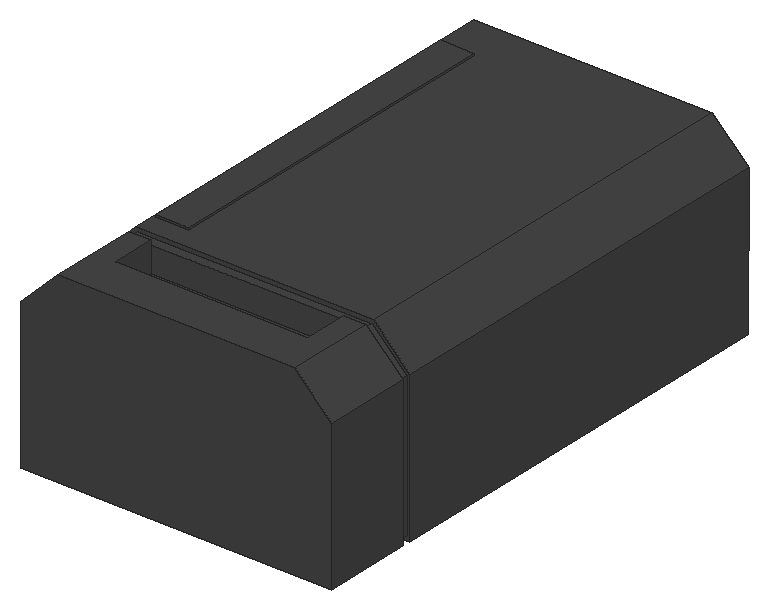
Revit family "SP4182_SDU2_Revit", category Mechanical Equipment, Revit 2014
Parameters (values of type "Standard")
  d83 = 0' - 0"
  d74 = 0' - 0"
  d70 = 0' - 0"
  d68 = 0' - 0"
  d65 = 0' - 0"
  d60 = 0' - 0"
  URL = "www.neptronic.com"
  Part Number = "SP4182_SDU_Revit"
  Model = "SK310 & SDU2, SK314 & SDU2"
  Manufacturer = "Neptronic"
  Extrusion_End_2 = -d74  # 0' - 0"
  Extrusion_End_1 = -d60  # 0' - 0"
  Designer = "Antoine"
  Design Status = 1
  Description = "Electic Resistive Humidifier with Steam Distribution Unit"
  Date Created = "2014-08-06 15:51:08"
  Connector_8_Width = 0' - 0"
  Connector_8_Height = 0' - 0"
  Connector_5_Diameter = 0' - 0"
  Connector_4_Diameter = 0' - 0"
  Connector_3_Diameter = 0' - 0"
  Author = "Antoine"
Reference planes (in)
  plane 1 "Center (Front/Back)": y = 0
  plane 2: z = 0
  plane 3 "Center (Left/Right)": x = 0
  plane 4: y = -25.561
Forms (in)
  Sweep 1, solid
    path in 3D
      loop
        line (-10.5003, 2.939, 3.75715) -> (-10.5003, -25.561, 3.75715)
    profile origin (-10.5003, -25.561, 3.75715) x (0, 0, -1) y (1, 0, 0)
      loop
        line (0, 0) -> (10.00715, 0) -> (10.00715, 21.0003) -> (-0.04232, 21.0003) -> (-2.51382, 18.5288) -> (-2.51382, 2.51382) -> (0, 0)
  Extrusion 2, void
    sketch origin (-10.5003, 2.939, 3.75715) x (0, 0, 1) y (1, 0, 0)
      loop
        circle (-8.25715, 9.0003) r 0.25
      loop
        circle (-8.25715, 7.2503) r 0.375
      loop
        circle (-4.75715, 2.5003) r 0.4375
      loop
        circle (-1.75715, 2.5003) r 0.4375
    from 0 to -0.25
  Extrusion 3, solid
    sketch origin (-10.5003, 2.939, 3.75715) x (0, 0, 1) y (1, 0, 0)
      loop
        circle (-0.25715, 16.8753) r 0.375
    from 0 to 0.25
  Extrusion 4, solid
    sketch origin (-10.5003, -25.561, 3.75715) x (1, 0, 0) y (0, 0, 1)
      loop
        line (2.61738, 2.26382) -> (0.25, -0.10355) -> (0.25, -9.75715) -> (20.7503, -9.75715) -> (20.7503, -0.06123) -> (18.42524, 2.26382) -> (2.61738, 2.26382)
    from 0 to 0.625
  Extrusion 5, solid
    sketch origin (-7.88292, -26.186, 6.02097) x (-1, 0, 0) y (0, 0, -1)
      loop
        line (2.61738, 2.26382) -> (2.61738, 12.27097) -> (-18.38292, 12.27097) -> (-18.38292, 2.2215) -> (-15.91142, -0.25) -> (0.10355, -0.25) -> (2.61738, 2.26382)
    from 0 to 6
  Extrusion 6, void
    sketch origin (8.0285, -32.186, 6.27097) x (0, 1, 0) y (-1, 0, 0)
      loop
        line (6, 14.50749) -> (3, 14.50749) -> (3, 1.50749) -> (6, 1.50749) -> (6, 14.50749)
    from 0 to -2
  Extrusion 7, solid
    sketch origin (-7.98648, 2.939, 6.27097) x (0, -1, 0) y (1, 0, 0)
      loop
        line (3, 2.375) -> (3, 0.125) -> (27, 0.125) -> (27, 2.375) -> (3, 2.375)
    from 0 to 0.125
Cuts and joins
  Extrusion 2, Extrusion 6 cuts Sweep 1
  Extrusion 6 cuts Extrusion 3
  Extrusion 6 cuts Extrusion 4
  Extrusion 6 cuts Extrusion 5
  joined: Sweep 1, Extrusion 3, Extrusion 4, Extrusion 5, Extrusion 7
Lines and regions (in)
  reference lines
    curve 1: line (-10.5003, -25.561, 3.75715) -> (-10.5003, -25.561, -6.25)
    curve 2: line (-10.5003, -25.561, -6.25) -> (10.5, -25.561, -6.25)
    curve 3: line (10.5, -25.561, -6.25) -> (10.5, -25.561, 3.79947)
    curve 4: line (10.5, -25.561, 3.79947) -> (8.0285, -25.561, 6.27097)
    curve 5: line (8.0285, -25.561, 6.27097) -> (-7.98648, -25.561, 6.27097)
    curve 6: line (-7.98648, -25.561, 6.27097) -> (-10.5003, -25.561, 3.75715)
    curve 7: line (-10.5003, 2.939, 3.75715) -> (-10.5003, -25.561, 3.75715)
    curve 8: line (-10.5003, 2.939, 3.75715) -> (-10.5003, -25.561, 3.75715)
    curve 10: circle (-1.5, 2.939, -4.5) r 0.25 normal (0, 1, 0)
    curve 11: circle (-3.25, 2.939, -4.5) r 0.375 normal (0, 1, 0)
    curve 12: circle (-8, 2.939, -1) r 0.4375 normal (0, 1, 0)
    curve 13: circle (-8, 2.939, 2) r 0.4375 normal (0, 1, 0)
    curve 14: circle (6.375, 2.939, 3.5) r 0.375 normal (0, 1, 0)
    curve 15: line (-7.88292, -25.561, 6.02097) -> (7.92494, -25.561, 6.02097)
    curve 16: line (7.92494, -25.561, 6.02097) -> (10.25, -25.561, 3.69592)
    curve 17: line (10.25, -25.561, 3.69592) -> (10.25, -25.561, -6)
    curve 18: line (10.25, -25.561, -6) -> (-10.2503, -25.561, -6)
    curve 19: line (-10.2503, -25.561, -6) -> (-10.2503, -25.561, 3.6536)
    curve 20: line (-10.2503, -25.561, 3.6536) -> (-7.88292, -25.561, 6.02097)
    curve 21: line (-10.5003, -26.186, 3.75715) -> (-10.5003, -26.186, -6.25)
    curve 22: line (-10.5003, -26.186, -6.25) -> (10.5, -26.186, -6.25)
    curve 23: line (10.5, -26.186, -6.25) -> (10.5, -26.186, 3.79947)
    curve 24: line (10.5, -26.186, 3.79947) -> (8.0285, -26.186, 6.27097)
    curve 25: line (8.0285, -26.186, 6.27097) -> (-7.98648, -26.186, 6.27097)
    curve 26: line (-7.98648, -26.186, 6.27097) -> (-10.5003, -26.186, 3.75715)
    curve 27: line (-6.47899, -29.186, 6.27097) -> (-6.47899, -26.186, 6.27097)
    curve 28: line (6.52101, -29.186, 6.27097) -> (-6.47899, -29.186, 6.27097)
    curve 29: line (6.52101, -26.186, 6.27097) -> (6.52101, -29.186, 6.27097)
    curve 30: line (-6.47899, -26.186, 6.27097) -> (6.52101, -26.186, 6.27097)
    curve 31: line (-5.61148, -0.061, 6.27097) -> (-7.86148, -0.061, 6.27097)
    curve 32: line (-7.86148, -24.061, 6.27097) -> (-7.86148, -0.061, 6.27097)
    curve 33: line (-5.61148, -24.061, 6.27097) -> (-7.86148, -24.061, 6.27097)
    curve 34: line (-5.61148, -0.061, 6.27097) -> (-5.61148, -24.061, 6.27097)
  sketch lines
    curve 9: line (-10.5003, 2.939, 3.75715) -> (-10.5003, -25.561, 3.75715)
Dimensions and locks (in)
  aligned and locked: plane 2 to level
  aligned and locked: Sweep 1 sketch curve to curve 1
  aligned and locked: Sweep 1 sketch curve to curve 2
  aligned and locked: Sweep 1 sketch curve to curve 3
  aligned and locked: Sweep 1 sketch curve to curve 4
  aligned and locked: Sweep 1 sketch curve to curve 5
  aligned and locked: Sweep 1 sketch curve to curve 6
  aligned and locked: curve 9 to curve 7
  aligned and locked: Extrusion 2 sketch curve to curve 10  (x2)
  aligned and locked: Extrusion 2 sketch curve to curve 11  (x2)
  aligned and locked: Extrusion 2 sketch curve to curve 12  (x2)
  aligned and locked: Extrusion 2 sketch curve to curve 13  (x2)
  aligned and locked: Extrusion 3 sketch curve to curve 14  (x2)
  aligned and locked: Extrusion 4 sketch curve to curve 15
  aligned and locked: Extrusion 4 sketch curve to curve 16
  aligned and locked: Extrusion 4 sketch curve to curve 17
  aligned and locked: Extrusion 4 sketch curve to curve 18
  aligned and locked: Extrusion 4 sketch curve to curve 19
  aligned and locked: Extrusion 4 sketch curve to curve 20
  aligned and locked: Extrusion 5 sketch curve to curve 21
  aligned and locked: Extrusion 5 sketch curve to curve 22
  aligned and locked: Extrusion 5 sketch curve to curve 23
  aligned and locked: Extrusion 5 sketch curve to curve 24
  aligned and locked: Extrusion 5 sketch curve to curve 25
  aligned and locked: Extrusion 5 sketch curve to curve 26
  aligned and locked: Extrusion 6 sketch curve to curve 27
  aligned and locked: Extrusion 6 sketch curve to curve 28
  aligned and locked: Extrusion 6 sketch curve to curve 29
  aligned and locked: Extrusion 6 sketch curve to curve 30
  aligned and locked: Extrusion 7 sketch curve to curve 31
  aligned and locked: Extrusion 7 sketch curve to curve 32
  aligned and locked: Extrusion 7 sketch curve to curve 33
  aligned and locked: Extrusion 7 sketch curve to curve 34
Connectors (in)
  piping at (6.375, 3.189, 3.5), driven by "Connector_3_Diameter"
    settings: on cut or joined group of Sweep 1, Extrusion 2, Extrusion 3, Extrusion 4, Extrusion 5, Extrusion 6, Extrusion 7, index 1, connector diameter 0", connector inside diameter 24", connector length 0' - 0", flow factor 0, pipe flow 0 GPM, pressure drop 0.00 psi, fitting loss kfactor 0, connector angle 0.00°, fixture units 0, engagement length 0' - 0", angle of deflection 0.00°, flow configuration 1, flow direction 1, fitting loss method 0, system type 20, joint type 0, gender type 0, connector reference index -1, connector utility 0, adjustable connector no, is connector primary yes, connector description "Water inlet 3/4'' G"
  piping at (-1.5, 2.939, -4.5), driven by "Connector_4_Diameter"
    settings: on cut or joined group of Sweep 1, Extrusion 2, Extrusion 3, Extrusion 4, Extrusion 5, Extrusion 6, Extrusion 7, index 2, connector diameter 0", connector inside diameter 24", connector length 0' - 0", flow factor 0, pipe flow 0 GPM, pressure drop 0.00 psi, fitting loss kfactor 0, connector angle 0.00°, fixture units 0, engagement length 0' - 0", angle of deflection 0.00°, flow configuration 1, flow direction 2, fitting loss method 0, system type 16, joint type 0, gender type 0, connector reference index -1, connector utility 0, adjustable connector no, is connector primary no, connector description "Pan drip drain outlet 1/2''"
  piping at (-3.25, 2.939, -4.5), driven by "Connector_5_Diameter"
    settings: on cut or joined group of Sweep 1, Extrusion 2, Extrusion 3, Extrusion 4, Extrusion 5, Extrusion 6, Extrusion 7, index 3, connector diameter 0", connector inside diameter 24", connector length 0' - 0", flow factor 0, pipe flow 0 GPM, pressure drop 0.00 psi, fitting loss kfactor 0, connector angle 0.00°, fixture units 0, engagement length 0' - 0", angle of deflection 0.00°, flow configuration 1, flow direction 2, fitting loss method 0, system type 16, joint type 0, gender type 0, connector reference index -1, connector utility 0, adjustable connector no, is connector primary no, connector description "Main drain outlet 3/4''"
  electrical at (-8, 2.939, -1)
    settings: on cut or joined group of Sweep 1, Extrusion 2, Extrusion 3, Extrusion 4, Extrusion 5, Extrusion 6, Extrusion 7, index 4, voltage 0 V, apparent load 0 VA, apparent load phase1 0 VA, apparent load phase2 0 VA, apparent load phase3 0 VA, power factor 1, load classification "Other", number of poles 1, system type 13, power factor state 1, is connector primary yes, connector utility no, sub classification motor no, connector description "Low voltage control inlet (KO)"
  electrical at (-8, 2.939, 2)
    settings: on cut or joined group of Sweep 1, Extrusion 2, Extrusion 3, Extrusion 4, Extrusion 5, Extrusion 6, Extrusion 7, index 5, voltage 0 V, apparent load 0 VA, apparent load phase1 0 VA, apparent load phase2 0 VA, apparent load phase3 0 VA, power factor 0, load classification "Other", number of poles 1, system type 30, power factor state 1, is connector primary no, connector utility no, sub classification motor no, connector description "Power supply inlet (KO)"
  hvac at (0.02101, -27.686, 4.27097), driven by "Connector_8_Height", driven by "Connector_8_Width"
    settings: on cut or joined group of Sweep 1, Extrusion 2, Extrusion 3, Extrusion 4, Extrusion 5, Extrusion 6, Extrusion 7, index 6, duct flow 0 CFM, flow factor 0, pres drop 0.00 in-wg, loss coef 0, conn angle 0.00°, conn width 0", conn height 0", conn diameter 24", duct sys type 1, conn prof type 1, flow config 1, flow direction 2, loss method 0, conn ref index -1, conn util no, is conn primary yes, conn desc "Steam & Air distribution"
